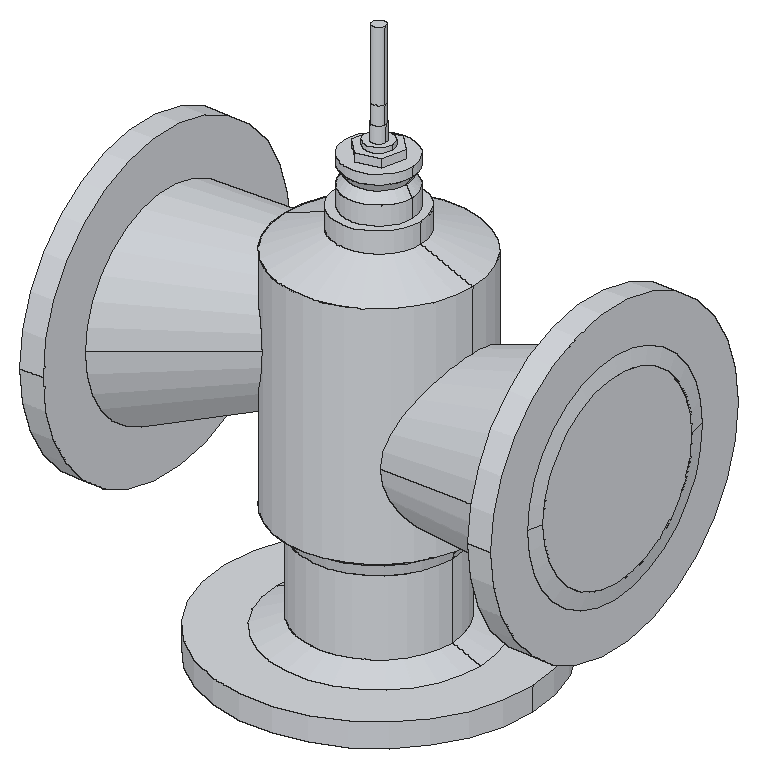
Revit family "3FGB_PN16_DN080_RFA_2018", category Pipe Accessories, Revit 2018
Family settings
  Round Connector Dimension = Use Diameter
  Part Type = Valve - Breaks Into
  Work Plane-Based = No
  Always vertical = Yes
  Cut with Voids When Loaded = No
  Shared = No
Parameters (values of type "3FGB PN16 DN080")
  magiProductId = ""
  magiProductFamilyId = ""
  magiPartTypeId = 320
  isMeasuringValve [instance] = no
  ang2D [instance] = 0.00°
  Z9 = 4.2 mm
  Z8 = 5.7 mm
  Z7 = 3 mm
  Z6 = 6 mm
  Z5 = 6 mm
  Z4 = 12 mm
  Z3 = 148.6 mm
  Z19 = 9.9 mm
  Z18 = 29.25 mm
  Z17 = 4.5 mm
  Z16 = 11.25 mm
  Z15 = 36.75 mm
  Z14__ve = -Z14  # -13.125 mm
  Z14 = 13.125 mm
  Z13 = 6.985 mm
  Z12 = 48.895 mm
  Z11 = 64 mm
  Z10 = 5.1 mm
  Y1 = 55.08 mm
  X4 = 15.3 mm
  X3 = 24.48 mm
  X2__ve = -X2  # -15.3 mm
  X2 = 15.3 mm
  X1 = 2 mm
  W2D = 80 mm
  VersionID = ""
  Use Minimum Symbol Size [instance] = no
  URL = "www.hydronix.cz"
  Type Comments = "Přírubový; EQM charakteristika ve směru A-AB; PN16; -10~+150°C"
  R9 = 4 mm
  R8 = 6.692 mm
  R7 = 8.923 mm
  R6 = 14.872 mm
  R5 = 17.626 mm
  R4 = 22.032 mm
  R3 = 27.54 mm
  R2 = 49.875 mm
  R13 = 47.88 mm
  R12 = 4.685 mm
  R11 = 9.034 mm
  R10 = 6.023 mm
  R1 = 39.9 mm
  QmdConnectorList = "301;D;302;D;303;D"
  Productdata [instance] = ""
  N = 4
  Manufacturer = "Hydronix"
  Maintenance Zone Under Depth [instance] = 187 mm
  Maintenance Zone Right Depth [instance] = 155 mm
  Maintenance Zone Over Depth [instance] = 210 mm
  Maintenance Zone Left Depth [instance] = 155 mm
  Maintenance Zone Front Depth [instance] = 100 mm
  Maintenance Zone Back Depth [instance] = 100 mm
  Maintenance Zone Front Visibility [instance] = no
  MT = 2
  MC Product Code = "3FGB80 (DN80; PN16; kvs100)"
  MC = yes
  LT2 = 155 mm
  L2D_Min = 30.48 mm
  L2D = 310 mm
  L = 310 mm
  HD = 18 mm
  HCDT2 = 66.5 mm
  HCD = 160 mm
  H4 = 155 mm
  H3 = 105 mm
  H2 = 45 mm
  H1 = 165 mm
  FDT2 = 100 mm
  FD = 200 mm
  Description = "3 cestný regulační ventil přírubový; DN80; PN16; kvs100; zdvih 45mm"
  DT2 = 40 mm
  D4 = 60.35 mm
  D3 = 71 mm
  D2 = 61.2 mm
  D = 80 mm
  CenSd_R6_6 = R6 * cos(30.00°)  # 12.879 mm
  Clearance Zone Height Depth [instance] = 210 mm
  Clearance Zone Circular Radius [instance] = 155 mm
  Clearance Zone Visibility [instance] = no
  CAT0 = yes
  CAT = no
  Assembly Code = ""
  A1 = 118.88 mm
Types (5, lengths in mm): name | Z9 | Z8 | Z6 | Z5 | Z4 | Z3 | Z19 | Z18 | Z17 | Z16 | Z15 | Z14__ve | Z14 | Z13 | Z12 | Z11 | Z10 | Y1 | X4 | X3 | X2__ve | X2 | W2D | R8 | R7 | R6 | R5 | R4 | R3 | R2 | R13 | R12 | R11 | R10 | R1 | N | Maintenance Zone Under Depth | Maintenance Zone Right Depth | Maintenance Zone Over Depth | Maintenance Zone Left Depth | Maintenance Zone Front Depth | Maintenance Zone Back Depth | MC Product Code | LT2 | L2D | L | HD | HCDT2 | HCD | H4 | H3 | H2 | H1 | FDT2 | FD | Description | DT2 | D4 | D3 | D2 | D | CenSd_R6_6 | Clearance Zone Height Depth | Clearance Zone Circular Radius | A1
  3FGB PN16 DN100 | 4.165 | 5.602 | 5.95 | 5.95 | 11.9 | 166.225 | 9.767 | 29.25 | 4.5 | 11.25 | 40.775 | -14.562 | 14.562 | 7.885 | 55.195 | 72 | 5.082 | 62.28 | 17.3 | 27.68 | -17.3 | 17.3 | 100 | 7.567 | 10.089 | 16.816 | 19.93 | 24.912 | 31.14 | 57.375 | 55.08 | 5.297 | 10.215 | 6.81 | 45.9 | 8 | 207 | 175 | 221 | 175 | 110 | 110 | "3FGB100 (DN100; PN16; kvs130)" | 175 | 350 | 350 | 18 | 76.5 | 180 | 175 | 116.5 | 45 | 176 | 110 | 220 | "3 cestný regulační ventil přírubový; DN100; PN16; kvs130; zdvih 45mm" | 50 | 68.85 | 81 | 69.2 | 100 | 14.563 | 221 | 175 | 132.98
  3FGB PN16 DN125 | 4.2 | 5.7 | 6 | 6 | 12 | 194.35 | 9.9 | 29.25 | 4.5 | 11.25 | 48.65 | -17.375 | 17.375 | 9.01 | 63.07 | 84 | 5.1 | 71.28 | 19.8 | 31.68 | -19.8 | 19.8 | 125 | 8.661 | 11.547 | 19.246 | 22.81 | 28.512 | 35.64 | 68.625 | 65.88 | 6.062 | 11.692 | 7.794 | 54.9 | 8 | 234 | 200 | 244 | 200 | 125 | 125 | "3FGB125 (DN125; PN16; kvs200)" | 200 | 400 | 400 | 18 | 91.5 | 210 | 200 | 139 | 45 | 199 | 125 | 250 | "3 cestný regulační ventil přírubový; DN125; PN16; kvs200; zdvih 45mm" | 62.5 | 81.6 | 96 | 79.2 | 125 | 16.667 | 244 | 200 | 155.48
  3FGB PN16 DN150 | 4.2 | 5.7 | 6 | 6 | 12 | 225.85 | 9.9 | 29.25 | 4.5 | 11.25 | 54.95 | -19.625 | 19.625 | 10.81 | 75.67 | 96 | 5.1 | 85.68 | 23.8 | 38.08 | -23.8 | 23.8 | 150 | 10.41 | 13.88 | 23.134 | 27.418 | 34.272 | 42.84 | 77.625 | 74.52 | 7.287 | 14.054 | 9.369 | 62.1 | 8 | 277 | 240 | 262 | 240 | 142.5 | 142.5 | "3FGB150 (DN150; PN16; kvs300)" | 240 | 480 | 480 | 22 | 103.5 | 240 | 240 | 157 | 45 | 217 | 142.5 | 285 | "3 cestný regulační ventil přírubový; DN150; PN16; kvs300; zdvih 45mm" | 75 | 92.65 | 109 | 95.2 | 150 | 20.034 | 262 | 240 | 180.68
  3FGB PN16 DN065 | 4.2 | 5.7 | 6 | 6 | 12 | 136.6 | 9.9 | 16.25 | 2.5 | 6.25 | 33.25 | -11.875 | 11.875 | 6.535 | 45.745 | 58 | 5.1 | 51.48 | 14.3 | 22.88 | -14.3 | 14.3 | 65 | 6.255 | 8.34 | 13.9 | 16.474 | 20.592 | 25.74 | 44.25 | 42.48 | 4.378 | 8.444 | 5.629 | 35.4 | 4 | 175 | 145 | 180 | 145 | 92.5 | 92.5 | "3FGB65 (DN65; PN16; kvs63)" | 145 | 290 | 290 | 18 | 59 | 145 | 145 | 95 | 25 | 155 | 92.5 | 185 | "3 cestný regulační ventil přírubový; DN65; PN16; kvs63; zdvih 25mm" | 32.5 | 53.975 | 63.5 | 57.2 | 65 | 12.037 | 180 | 145 | 109.28
  3FGB PN16 DN080 | 4.2 | 5.7 | 6 | 6 | 12 | 148.6 | 9.9 | 29.25 | 4.5 | 11.25 | 36.75 | -13.125 | 13.125 | 6.985 | 48.895 | 64 | 5.1 | 55.08 | 15.3 | 24.48 | -15.3 | 15.3 | 80 | 6.692 | 8.923 | 14.872 | 17.626 | 22.032 | 27.54 | 49.875 | 47.88 | 4.685 | 9.034 | 6.023 | 39.9 | 4 | 187 | 155 | 210 | 155 | 100 | 100 | "3FGB80 (DN80; PN16; kvs100)" | 155 | 310 | 310 | 18 | 66.5 | 160 | 155 | 105 | 45 | 165 | 100 | 200 | "3 cestný regulační ventil přírubový; DN80; PN16; kvs100; zdvih 45mm" | 40 | 60.35 | 71 | 61.2 | 80 | 12.879 | 210 | 155 | 118.88
Reference planes
  plane 1 "Center (Front/Back)": y = 0
  plane 2 "XYPLANE": z = 0
  plane 3 "Center (Left/Right)": x = 0
  plane 4 "227": z = -187
  plane 5 "226": y = 100
  plane 6 "225": y = -100
  plane 7 "224": x = 155
  plane 8 "223": x = -155
  plane 9 "222": z = 210
  plane 10 "182": z = 165
  plane 11 "161": z = 153
  plane 12 "158": z = 147.3
  plane 13 "150": z = 143.1
  plane 14 "148": z = 140.1
  plane 15 "142": z = 135
  plane 16 "136": z = 129
  plane 17 "135": z = 123
  plane 18 "131": z = 117
  plane 19 "78": z = 78.75
  plane 20 "77": z = 91.875
  plane 21 "74": z = 105
  plane 22 "70": z = -69.85
  plane 23 "65": z = -76.835
  plane 24 "64": z = -83.82
  plane 25 "58": z = -132.715
  plane 26 "57": z = -139.7
  plane 27 "46": z = -155
  plane 28 "28": x = 137.7
  plane 29 "27": x = 153
  plane 30 "21": z = -20
  plane 31 "16": z = 36.75
  plane 32 "13": x = -137.7
  plane 33 "7": x = -153
  plane 34 "6": x = 155
  plane 35 "5": x = -155
  plane 36 "3": y = 0
  plane 37 "2": z = 0
  plane 38 "1": x = 0
Forms (mm)
  Extrusion 1, solid, visible <- "Clearance Zone Visibility"
    sketch origin (-750, 0, 0) x (1, 0, 0) y (0, 1, 0)
      loop
        circle (750, 0) r 155
    from 0 to 210 <- "Clearance Zone Height Depth"
  Blend 2, solid, visible <- "Maintenance Zone Front Visibility"
    base sketch origin (-750, 0, 210) x (1, 0, 0) y (0, 1, 0)
      loop
        line (595, 100) -> (595, -100) -> (905, -100) -> (905, 100) -> (595, 100)
    top sketch origin (-750, 0, 210) x (1, 0, 0) y (0, 1, 0)
      loop
        line (595, 100) -> (595, -100) -> (905, -100) -> (905, 100) -> (595, 100)
    from 0 to -397
  Extrusion 3, solid
    sketch origin (-750, 0, 143.1) x (1, 0, 0) y (0, 1, 0)
      loop
        circle (750, 0) r 4.685
    from 0 to 9.9 <- "Z19"
  Extrusion 4, solid
    sketch origin (-750, 0, 165) x (1, 0, 0) y (0, 1, 0)
      loop
        circle (750, 0) r 4
    from 0 to 45 <- "H2"
  Extrusion 5, solid
    sketch origin (-750, 0, 153) x (1, 0, 0) y (0, 1, 0)
      loop
        circle (750, 0) r 4
    from 0 to 12 <- "Z4"
  Extrusion 6, solid
    sketch origin (-750, 0, 140.1) x (1, 0, 0) y (0, 1, 0)
      loop
        circle (750, 0) r 8.923
    from 0 to 3 <- "Z7"
  Extrusion 7, solid
    sketch origin (-750, 0, 135) x (1, 0, 0) y (0, 1, 0)
      loop
        line (760.516, -10.516) -> (764.365, 3.849) -> (753.849, 14.365) -> (739.484, 10.516) -> (735.635, -3.849) -> (746.151, -14.365) -> (760.516, -10.516)
    from 0 to 5.1 <- "Z10"
  Extrusion 8, solid
    sketch origin (-750, 0, 129) x (1, 0, 0) y (0, 1, 0)
      loop
        circle (750, 0) r 22.032
    from 0 to 6 <- "Z6"
  Blend 9, solid
    base sketch origin (-750, 0, 123) x (1, 0, 0) y (0, 1, 0)
      loop
        circle (750, 0) r 17.626
    top sketch origin (-750, 0, 123) x (1, 0, 0) y (0, 1, 0)
      loop
        circle (750, 0) r 22.032
    from 0 to 6
  Blend 10, solid
    base sketch origin (-750, 0, 117) x (1, 0, 0) y (0, 1, 0)
      loop
        circle (750, 0) r 22.032
    top sketch origin (-750, 0, 117) x (1, 0, 0) y (0, 1, 0)
      loop
        circle (750, 0) r 17.626
    from 0 to 6
  Extrusion 11, solid
    sketch origin (-750, 0, 105) x (1, 0, 0) y (0, 1, 0)
      loop
        circle (750, 0) r 22.032
    from 0 to 12 <- "Z4"
  Extrusion 12, solid
    sketch origin (-750, 0, 105) x (1, 0, 0) y (0, 1, 0)
      loop
        circle (750, 0) r 27.54
    from 0 to -13.125 <- "Z14__ve"
  Blend 13, solid
    base sketch origin (-750, 0, 78.75) x (1, 0, 0) y (0, 1, 0)
      loop
        circle (750, 0) r 61.2
    top sketch origin (-750, 0, 78.75) x (1, 0, 0) y (0, 1, 0)
      loop
        circle (750, 0) r 27.54
    from 0 to 13.125
  Blend 14, solid
    base sketch origin (-750, 0, -76.835) x (1, 0, 0) y (0, 1, 0)
      loop
        circle (750, 0) r 49.875
    top sketch origin (-750, 0, -76.835) x (1, 0, 0) y (0, 1, 0)
      loop
        circle (750, 0) r 61.2
    from 0 to 6.985
  Blend 15, solid
    base sketch origin (-750, 0, -83.82) x (1, 0, 0) y (0, 1, 0)
      loop
        circle (750, 0) r 47.88
    top sketch origin (-750, 0, -83.82) x (1, 0, 0) y (0, 1, 0)
      loop
        circle (750, 0) r 49.875
    from 0 to 6.985
  Extrusion 16, solid
    sketch origin (-750, 0, -132.715) x (1, 0, 0) y (0, 1, 0)
      loop
        circle (750, 0) r 47.88
    from 0 to 48.895 <- "Z12"
  Blend 17, solid
    base sketch origin (-750, 0, -139.7) x (1, 0, 0) y (0, 1, 0)
      loop
        circle (750, 0) r 66.5
    top sketch origin (-750, 0, -139.7) x (1, 0, 0) y (0, 1, 0)
      loop
        circle (750, 0) r 47.88
    from 0 to 6.985
  Extrusion 18, solid
    sketch origin (-750, 0, -155) x (1, 0, 0) y (0, 1, 0)
      loop
        circle (750, 0) r 100
    from 0 to 15.3 <- "X4"
  Blend 19, solid
    base sketch origin (153, -750, 0) x (0, 1, 0) y (0, 0, 1)
      loop
        circle (750, 0) r 71
    top sketch origin (153, -750, 0) x (0, 1, 0) y (0, 0, 1)
      loop
        circle (750, 0) r 60.35
    from 0 to 2
  Blend 20, solid
    base sketch origin (-155, -750, 0) x (0, 1, 0) y (0, 0, 1)
      loop
        circle (750, 0) r 60.35
    top sketch origin (-155, -750, 0) x (0, 1, 0) y (0, 0, 1)
      loop
        circle (750, 0) r 71
    from 0 to 2
  Extrusion 21, solid
    sketch origin (153, -750, 0) x (0, 1, 0) y (0, 0, 1)
      loop
        circle (750, 0) r 100
    from 0 to -15.3 <- "X2__ve"
  Blend 22, solid
    base sketch origin (0, -750, 0) x (0, 1, 0) y (0, 0, 1)
      loop
        circle (750, -20) r 39.9
    top sketch origin (0, -750, 0) x (0, 1, 0) y (0, 0, 1)
      loop
        circle (750, 0) r 66.5
    from 0 to 137.7
  Extrusion 23, solid
    sketch origin (-750, 0, -69.85) x (1, 0, 0) y (0, 1, 0)
      loop
        circle (750, 0) r 61.2
    from 0 to 148.6 <- "Z3"
  Blend 24, solid
    base sketch origin (-137.7, -750, 0) x (0, 1, 0) y (0, 0, 1)
      loop
        circle (750, 0) r 66.5
    top sketch origin (-137.7, -750, 0) x (0, 1, 0) y (0, 0, 1)
      loop
        circle (750, 36.75) r 39.9
    from 0 to 137.7
  Extrusion 25, solid
    sketch origin (-153, -750, 0) x (0, 1, 0) y (0, 0, 1)
      loop
        circle (750, 0) r 100
    from 0 to 15.3 <- "X2"
  Extrusion 26, solid, not visible
    sketch origin (-750, 0, -155) x (1, 0, 0) y (0, 1, 0)
      loop
        circle (750, 0) r 10
    from 0 to 10
  Extrusion 27, solid, not visible
    sketch origin (155, -750, 0) x (0, 1, 0) y (0, 0, 1)
      loop
        circle (750, 0) r 10
    from 0 to -10
  Extrusion 28, solid, not visible
    sketch origin (-155, -750, 0) x (0, 1, 0) y (0, 0, 1)
      loop
        circle (750, 0) r 10
    from 0 to 10
Lines and regions (mm)
  reference lines, not visible
    curve 1: circle (2, 2, 0) r 1 normal (0, 0, 1)
  reference lines
    curve 2: line (0, 0, 135) -> (2.176, 8.121, 135)
    curve 3: line (0, 0, 135) -> (-5.945, 5.945, 135)
    curve 4: line (0, 0, 135) -> (-8.121, -2.176, 135)
Dimensions and locks
  plane 1 "Center (Front/Back)" to curve 1 = 2 mm
  "Maintenance Zone Under Depth": plane 2 "XYPLANE" to plane 4 "227"
  "Maintenance Zone Back Depth": plane 1 "Center (Front/Back)" to plane 5 "226"
  "Maintenance Zone Front Depth": plane 1 "Center (Front/Back)" to plane 6 "225"
  "Maintenance Zone Right Depth": plane 3 "Center (Left/Right)" to plane 7 "224"
  "Maintenance Zone Left Depth": plane 3 "Center (Left/Right)" to plane 8 "223"
  "Maintenance Zone Over Depth": plane 2 "XYPLANE" to plane 9 "222"
  "Z4": plane 11 "161" to plane 10 "182"
  "Z8": plane 12 "158" to plane 11 "161"
  "Z9": plane 13 "150" to plane 12 "158"
  "Z7": plane 14 "148" to plane 13 "150"
  "Z10": plane 15 "142" to plane 14 "148"
  "Z6": plane 16 "136" to plane 15 "142"
  "Z5": plane 17 "135" to plane 16 "136"
  "Z5": plane 18 "131" to plane 17 "135"
  "Z4": plane 21 "74" to plane 18 "131"
  "Z14": plane 20 "77" to plane 19 "78"
  "Z14": plane 21 "74" to plane 20 "77"
  "H3": plane 2 "XYPLANE" to plane 21 "74"
  "Z13": plane 23 "65" to plane 22 "70"
  "Z13": plane 24 "64" to plane 23 "65"
  "Z12": plane 25 "58" to plane 24 "64"
  "Z13": plane 26 "57" to plane 25 "58"
  "X4": plane 27 "46" to plane 26 "57"
  "H4": plane 2 "XYPLANE" to plane 27 "46"
  "X2": plane 29 "27" to plane 28 "28"
  "X1": plane 34 "6" to plane 29 "27"
  locked: plane 37 "2" to plane 30 "21" at 20
  "Z15": plane 37 "2" to plane 31 "16"
  "X2": plane 33 "7" to plane 32 "13"
  "X1": plane 35 "5" to plane 33 "7"
  "LT2": plane 3 "Center (Left/Right)" to plane 34 "6"
  "LT2": plane 3 "Center (Left/Right)" to plane 35 "5"
  locked: plane 1 "Center (Front/Back)" to plane 36 "3"
  locked: plane 2 "XYPLANE" to plane 37 "2"
  locked: plane 3 "Center (Left/Right)" to plane 38 "1"
  Blend 2 sketch curve to Blend 2 sketch curve = 0 mm  (x16)
  "CenSd_R6_6": curve 2 to Extrusion 7 sketch curve  (x2)
  "CenSd_R6_6": curve 3 to Extrusion 7 sketch curve  (x2)
  "CenSd_R6_6": curve 4 to Extrusion 7 sketch curve  (x2)
  Extrusion 7 sketch curve to Extrusion 7 sketch curve = 0 mm  (x12)
  "Clearance Zone Circular Radius": radius of Extrusion 1 sketch curve
  "R12": radius of Extrusion 3 sketch curve
  "R9": radius of Extrusion 4 sketch curve
  "R9": radius of Extrusion 5 sketch curve
  "R7": radius of Extrusion 6 sketch curve
  "R4": radius of Extrusion 8 sketch curve
  "R4": radius of Blend 9 sketch curve
  "R5": radius of Blend 9 sketch curve
  "R5": radius of Blend 10 sketch curve
  "R4": radius of Blend 10 sketch curve
  "R4": radius of Extrusion 11 sketch curve
  "R3": radius of Extrusion 12 sketch curve
  "R3": radius of Blend 13 sketch curve
  "D2": radius of Blend 13 sketch curve
  "D2": radius of Blend 14 sketch curve
  "R2": radius of Blend 14 sketch curve
  "R2": radius of Blend 15 sketch curve
  "R13": radius of Blend 15 sketch curve
  "R13": radius of Extrusion 16 sketch curve
  "R13": radius of Blend 17 sketch curve
  "HCDT2": radius of Blend 17 sketch curve
  "FDT2": radius of Extrusion 18 sketch curve
  "D4": radius of Blend 19 sketch curve
  "D3": radius of Blend 19 sketch curve
  "D3": radius of Blend 20 sketch curve
  "D4": radius of Blend 20 sketch curve
  "FDT2": radius of Extrusion 21 sketch curve
  "HCDT2": radius of Blend 22 sketch curve
  "R1": radius of Blend 22 sketch curve
  "D2": radius of Extrusion 23 sketch curve
  "R1": radius of Blend 24 sketch curve
  "HCDT2": radius of Blend 24 sketch curve
  "FDT2": radius of Extrusion 25 sketch curve
  locked: curve 3 to curve 2 (angle 60.00°)
  locked: curve 4 to curve 3 (angle 60.00°)
  locked: curve 4 to curve 2 (angle 120.00°)
  aligned and locked: level to plane 2 "XYPLANE"
  aligned and locked: plane 36 "3" to Extrusion 1 sketch curve
  aligned and locked: plane 38 "1" to Extrusion 1 sketch curve
  aligned and locked: Blend 2 sketch curve to plane 8 "223"  (x2)
  aligned and locked: plane 5 "226" to Blend 2 sketch curve  (x4)
  aligned and locked: plane 6 "225" to Blend 2 sketch curve  (x4)
  aligned and locked: plane 8 "223" to Blend 2 sketch curve  (x2)
  aligned and locked: plane 7 "224" to Blend 2 sketch curve  (x4)
  aligned and locked: Blend 2 to plane 4 "227"
  aligned and locked: plane 36 "3" to Extrusion 3 sketch curve
  aligned and locked: plane 38 "1" to Extrusion 3 sketch curve
  aligned and locked: plane 36 "3" to Extrusion 4 sketch curve
  aligned and locked: plane 38 "1" to Extrusion 4 sketch curve
  aligned and locked: plane 36 "3" to Extrusion 5 sketch curve
  aligned and locked: plane 38 "1" to Extrusion 5 sketch curve
  aligned and locked: plane 36 "3" to Extrusion 6 sketch curve
  aligned and locked: plane 38 "1" to Extrusion 6 sketch curve
  aligned and locked: plane 36 "3" to curve 3
  aligned and locked: plane 38 "1" to curve 4
  aligned and locked: plane 36 "3" to Extrusion 8 sketch curve
  aligned and locked: plane 38 "1" to Extrusion 8 sketch curve
  aligned and locked: plane 36 "3" to Blend 9 sketch curve  (x2)
  aligned and locked: plane 38 "1" to Blend 9 sketch curve  (x2)
  aligned and locked: plane 16 "136" to Blend 9
  aligned and locked: plane 36 "3" to Blend 10 sketch curve  (x2)
  aligned and locked: plane 38 "1" to Blend 10 sketch curve  (x2)
  aligned and locked: plane 17 "135" to Blend 10
  aligned and locked: plane 36 "3" to Extrusion 11 sketch curve
  aligned and locked: plane 38 "1" to Extrusion 11 sketch curve
  aligned and locked: plane 36 "3" to Extrusion 12 sketch curve
  aligned and locked: plane 38 "1" to Extrusion 12 sketch curve
  aligned and locked: plane 36 "3" to Blend 13 sketch curve  (x2)
  aligned and locked: plane 38 "1" to Blend 13 sketch curve  (x2)
  aligned and locked: plane 20 "77" to Blend 13
  aligned and locked: plane 36 "3" to Blend 14 sketch curve  (x2)
  aligned and locked: plane 38 "1" to Blend 14 sketch curve  (x2)
  aligned and locked: plane 22 "70" to Blend 14
  aligned and locked: plane 36 "3" to Blend 15 sketch curve  (x2)
  aligned and locked: plane 38 "1" to Blend 15 sketch curve  (x2)
  aligned and locked: plane 23 "65" to Blend 15
  aligned and locked: plane 36 "3" to Extrusion 16 sketch curve
  aligned and locked: plane 38 "1" to Extrusion 16 sketch curve
  aligned and locked: plane 36 "3" to Blend 17 sketch curve  (x2)
  aligned and locked: plane 38 "1" to Blend 17 sketch curve  (x2)
  aligned and locked: plane 25 "58" to Blend 17
  aligned and locked: plane 36 "3" to Extrusion 18 sketch curve
  aligned and locked: plane 38 "1" to Extrusion 18 sketch curve
  aligned and locked: Blend 19 sketch curve to plane 36 "3"  (x2)
  aligned and locked: plane 37 "2" to Blend 19 sketch curve  (x2)
  aligned and locked: plane 34 "6" to Blend 19
  aligned and locked: Blend 20 sketch curve to plane 36 "3"  (x2)
  aligned and locked: plane 37 "2" to Blend 20 sketch curve  (x2)
  aligned and locked: plane 33 "7" to Blend 20
  aligned and locked: Extrusion 21 sketch curve to plane 36 "3"
  aligned and locked: plane 37 "2" to Extrusion 21 sketch curve
  aligned and locked: Blend 22 sketch curve to plane 36 "3"  (x2)
  aligned and locked: plane 37 "2" to Blend 22 sketch curve
  aligned and locked: plane 30 "21" to Blend 22 sketch curve
  aligned and locked: plane 28 "28" to Blend 22
  aligned and locked: plane 36 "3" to Extrusion 23 sketch curve
  aligned and locked: plane 38 "1" to Extrusion 23 sketch curve
  aligned and locked: plane 31 "16" to Blend 24 sketch curve
  aligned and locked: plane 36 "3" to Blend 24 sketch curve
  aligned and locked: Blend 24 sketch curve to plane 36 "3"
  aligned and locked: plane 37 "2" to Blend 24 sketch curve
  aligned and locked: plane 38 "1" to Blend 24
  aligned and locked: Extrusion 25 sketch curve to plane 36 "3"
  aligned and locked: plane 37 "2" to Extrusion 25 sketch curve
  aligned and locked: plane 36 "3" to Extrusion 26 sketch curve
  aligned and locked: plane 38 "1" to Extrusion 26 sketch curve
  aligned and locked: Extrusion 27 sketch curve to plane 36 "3"
  aligned and locked: plane 37 "2" to Extrusion 27 sketch curve
  aligned and locked: Extrusion 28 sketch curve to plane 36 "3"
  aligned and locked: plane 37 "2" to Extrusion 28 sketch curve
Automatic sketch dimensions
  plane 1 "Center (Front/Back)" to curve 4 = 2.176 mm
  plane 1 "Center (Front/Back)" to Extrusion 26 sketch curve = 10 mm
  plane 1 "Center (Front/Back)" to Extrusion 27 sketch curve = 10 mm
  plane 1 "Center (Front/Back)" to Extrusion 28 sketch curve = 10 mm
  plane 3 "Center (Left/Right)" to curve 1 = 2 mm
  radius of curve 1 = 1 mm
Connectors
  piping at (-155, 0, 0), diameter 80, driven by "D"
    settings: on Extrusion 28, index 1, connector inside diameter 609.6 mm, connector length 0 mm, flow factor 0, pipe flow 0.0 L/s, pressure drop 0.0 Pa, fitting loss kfactor 0, connector angle 0.00°, fixture units 0, engagement length 0 mm, angle of deflection 0.00°, flow configuration 0, flow direction 0, fitting loss method 0, system type 29, joint type 0, gender type 0, connector reference index -1, connector utility 0, adjustable connector yes, is connector primary yes, connector description ""
  piping at (155, 0, 0), diameter 80, driven by "D"
    settings: on Extrusion 27, index 2, connector inside diameter 609.6 mm, connector length 0 mm, flow factor 0, pipe flow 0.0 L/s, pressure drop 0.0 Pa, fitting loss kfactor 0, connector angle 0.00°, fixture units 0, engagement length 0 mm, angle of deflection 0.00°, flow configuration 0, flow direction 0, fitting loss method 0, system type 29, joint type 0, gender type 0, connector reference index -1, connector utility 0, adjustable connector yes, is connector primary no, connector description ""
  piping at (0, 0, -155), diameter 80, driven by "D"
    settings: on Extrusion 26, index 3, connector inside diameter 609.6 mm, connector length 0 mm, flow factor 0, pipe flow 0.0 L/s, pressure drop 0.0 Pa, fitting loss kfactor 0, connector angle 0.00°, fixture units 0, engagement length 0 mm, angle of deflection 0.00°, flow configuration 0, flow direction 0, fitting loss method 0, system type 29, joint type 0, gender type 0, connector reference index -1, connector utility 0, adjustable connector yes, is connector primary no, connector description ""
